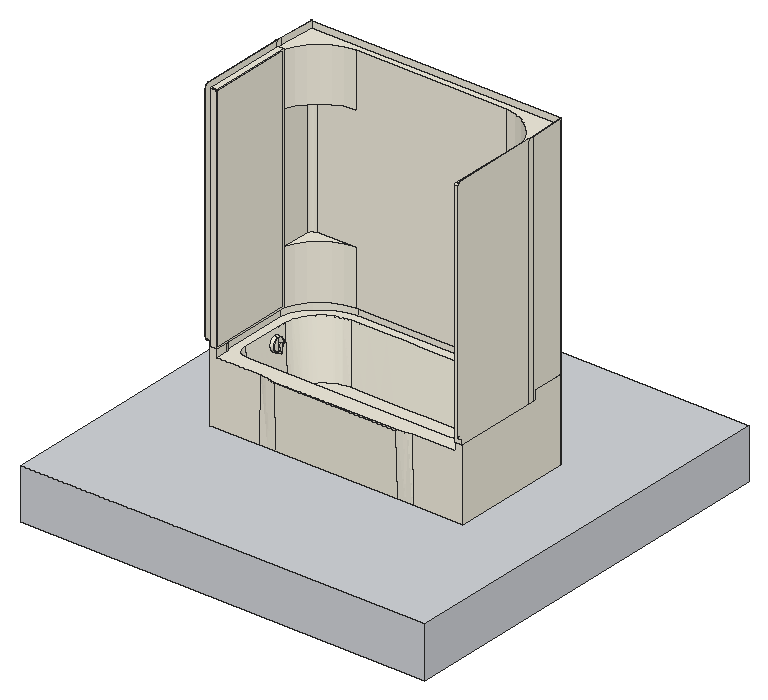
Revit family
Parameters (values of type "Vikrell-96-Biscuit")
  Width [instance] = 5' - 0"
  Waste Connection = yes
  WFU = 0
  URL = "http://www.sterlingplumbing.com/"
  Sanitary Radius = 1"
  Sanitary Height = 0' - 2"
  Sanitary Diameter = Sanitary Radius * 2  # 2"
  Sanitary Connector = "Sanitary Connector"  # constant formula
  Product Page URL = "http://www.sterlingplumbing.com/detail?productNumber=71140110"
  Product Documentation Link = "http://www.sterlingplumbing.com/onlinecatalog/pdf/1065331_4.pdf"
  Model = "71140110"  # constant formula
  Manufacturer = "Sterling Plumbing"  # constant formula
  Length [instance] = 2' - 7 1/4"
  Height [instance] = 6' - 1 1/4"
  Finish = Vikrell-Kohler-96-Biscuit
  Description = "Accord, Series 7114, 60in x 30in x 72in Tile Bath/Shower - Left-hand Drain"  # constant formula
  Default Elevation = 0' - 0"
  Assembly Code = "D2010510"
Types (4): name | Finish
  (no name) | Vikrell-Kohler-96-Biscuit
  Vikrell-0-White | Vikrell-Kohler-0-White
  Vikrell-47-Almond | Vikrell-Kohler-47-Almond
  Vikrell-96-Biscuit | Vikrell-Kohler-96-Biscuit
Reference planes (in)
  plane 1 "Center (Front/Back)": y = 0
  plane 2 "Bottom": z = 0
  plane 3 "Center (Left/Right)": x = 0
  plane 4 "Back": y = 15.625
  plane 5 "Front": y = -15.625
  plane 6 "Left": x = -30
  plane 7 "Right": x = 30
  plane 8 "Top": z = 73.25
  plane 9: z = 2
  plane 10: y = 1.125
Forms (in)
  Extrusion 1, solid
    sketch origin (0, 0, 0) x (1, 0, 0) y (0, 1, 0)
      loop
        line (-48, 48) -> (-48, -48) -> (48, -48) -> (48, 48) -> (-48, 48)
    from 0 to -12
  Extrusion 2, solid, material "Vikrell-Kohler-96-Biscuit" <- "Finish", not visible
    sketch origin (0, 0, 0) x (0, 1, 0) y (0, 0, 1)
      loop
        circle (1.125, 2) r 1
    from -29.60129 to -29.75249
Dimensions and locks (in)
  "Width": plane 6 "Left" to plane 7 "Right"
  "Length": plane 4 "Back" to plane 5 "Front"
  "Height": plane 8 "Top" to plane 2 "Bottom"
  "Sanitary Height": plane 9 to plane 2 "Bottom"
  "Sanitary Radius": radius of Extrusion 2 sketch curve
  aligned and locked: plane 2 "Bottom" to Extrusion 1
  aligned and locked: level to Extrusion 1
  aligned and locked: plane 9 to Extrusion 2 sketch curve
  aligned and locked: plane 10 to Extrusion 2 sketch curve
Automatic sketch dimensions
  Extrusion 1 sketch curve to Extrusion 1 sketch curve = 8' - 0"  (x2)
Nested families (in)
  nested 1: "71140110" at (0, 0, 0), type "71140110"
Connectors (in)
  piping at (-29.75249, 1.125, 2), driven by "Sanitary Radius", driven by "Waste Connection", driven by "Sanitary Connector", driven by "WFU"
    settings: on Extrusion 2, index 1, connector radius 1", flow factor 0, pipe flow 0 GPM, pressure drop 0.00 psi, fitting loss kfactor 0, connector angle 0.00°, fixture units 0, flow configuration 3, flow direction 2, fitting loss method 0, system type 16, connector reference index -1, connector utility 1, adjustable connector yes, is connector primary yes, fitting loss table "", connector description "Sanitary Connector"
Definition of nested family "71140110"
  Parameters (values of type "71140110")
    Finish = none
  Reference planes (in)
    plane 1 "Center (Front/Back)": y = 0
    plane 2: z = 0
    plane 3 "Center (Left/Right)": x = 0
    plane 4: x = -30
    plane 5: y = 15.625
    plane 6: x = 30
    plane 7: y = -15.625
    plane 8: z = 73.25
  Forms (in)
    Extrusion 1, solid, material <- "Finish", detail levels coarse
      sketch origin (0, 0, 0) x (1, 0, 0) y (0, 1, 0)
        loop
          line (-30, 15.625) -> (-30, -15.625) -> (30, -15.625) -> (30, 15.625) -> (-30, 15.625)
      from 0 to 73.25
  Lines and regions (in)
    Masking region 1, detail levels coarse
      outline origin (0, 0, 0) x (1, 0, 0) y (0, 1, 0)
        loop
          line (-30, 15.625) -> (-30, -15.625) -> (30, -15.625) -> (30, 15.625) -> (-30, 15.625)
    Masking region 2, detail levels medium+fine
      outline origin (0, 0, 0) x (1, 0, 0) y (0, 1, 0)
        loop
          line (-29.89, -14.37625) -> (-28.30572, -14.37625) -> (-28.30572, -14.23912) -> (-18.02027, -14.23912)
          arc (-18.02027, -14.23912) -> (-16.5536, -14.56891) -> (-15.05765, -14.71716) r 12.28929
          line (-15.05765, -14.71716) -> (15.05765, -14.71716)
          arc (15.05765, -14.71716) -> (16.5536, -14.56891) -> (18.02027, -14.23912) r 12.28929
          line (18.02027, -14.23912) -> (28.30572, -14.23912) -> (28.30572, -14.37625) -> (29.89, -14.37625) -> (29.89, -15.625) -> (30, -15.625) -> (30, 14.80482)
          arc (30, 14.80482) -> (29.75978, 15.38478) -> (29.17982, 15.625) r 0.82018
          line (29.17982, 15.625) -> (-29.15299, 15.625)
          arc (-29.15299, 15.625) -> (-29.75192, 15.37692) -> (-30, 14.77799) r 0.84701
          line (-30, 14.77799) -> (-30, -15.625) -> (-29.89, -15.625) -> (-29.89, -14.37625)
    Masking region 3
      outline origin (0, 0, 0) x (1, 0, 0) y (0, 0, 1)
        loop
          line (-30, 73.25) -> (-30, 0) -> (30, 0) -> (30, 73.25) -> (-30, 73.25)
    Masking region 4, detail levels coarse
      outline origin (0, 0, 0) x (0, 1, 0) y (0, 0, 1)
        loop
          line (15.625, 73.25) -> (-15.625, 73.25) -> (-15.625, 0) -> (15.625, 0) -> (15.625, 73.25)
    Masking region 5, detail levels medium+fine
      outline origin (0, 0, 0) x (0, 1, 0) y (0, 0, 1)
        loop
          arc (-14.39269, 73.25) -> (-15.22098, 72.93101) -> (-15.625, 72.14133) r 1.23939
          line (-15.625, 72.14133) -> (-15.625, 19.57569)
          arc (-15.625, 19.57569) -> (-15.25925, 18.69269) -> (-14.37625, 18.32694) r 1.24875
          line (-14.37625, 18.32694) -> (-14.37625, 15.00534) -> (-14.71716, 15.00534) -> (-14.23912, 0.26582) -> (-14.23912, 15.01582) -> (-10.98912, 15.01582) -> (-8.49563, 2.25719) -> (10.25437, 2.25719) -> (12.42849, 15.00534) -> (14.57217, 15.00534) -> (14.57217, 16.99606) -> (14.82967, 16.99606) -> (14.82967, 0) -> (15.625, 0) -> (15.625, 19.10715) -> (15.43306, 19.10715) -> (15.43306, 73.25) -> (-14.39269, 73.25)
    symbolic lines, style "Masking Lines", detail levels medium+fine
      curve 1: line (-28.30572, 12.50125, 0) -> (-28.30572, -14.37625, 0)
      curve 2: arc (-28.30572, 12.50125, 0) -> (-27.93776, 13.38957, 0) -> (-27.04944, 13.75753, 0) r 1.25628
      curve 3: line (28.30572, 12.37375, 0) -> (28.30572, -14.37625, 0)
      curve 4: arc (28.30572, 12.37375, 0) -> (27.96035, 13.29305, 0) -> (27.0951, 13.75753, 0) r 1.39617
      curve 5: line (27.0951, 13.75753, 0) -> (-27.04944, 13.75753, 0)
      curve 6: arc (-26.84543, 3.9382, 0) -> (-23.91132, 9.80505, 0) -> (-17.86945, 12.35936, 0) r 9.47323
      curve 7: line (-17.86945, 12.35936, 0) -> (16.71504, 12.39722, 0)
      curve 8: arc (16.71504, 12.39722, 0) -> (19.42127, 12.18639, 0) -> (22.06083, 11.5532, 0) r 17.23207
      curve 9: arc (22.06083, 11.5532, 0) -> (26.07969, 8.64132, 0) -> (27.63286, 3.92772, 0) r 8.06541
      curve 10: arc (27.63286, 3.92772, 0) -> (27.7508, -1.95199, 0) -> (27.53232, -7.82883, 0) r 102.79817
      curve 11: arc (27.53232, -7.82883, 0) -> (26.23751, -10.04785, 0) -> (23.83462, -10.95711, 0) r 3.84737
      curve 12: line (23.83462, -10.95711, 0) -> (-23.79457, -10.92259, 0)
      curve 13: arc (-23.79457, -10.92259, 0) -> (-25.9, -10.06992, 0) -> (-26.82179, -7.99382, 0) r 3.03114
      curve 14: line (-26.82179, -7.99382, 0) -> (-26.84543, 3.9382, 0)
      curve 43: line (-28.30572, 0, 15.00534) -> (28.30572, 0, 15.00534)
      curve 44: line (-28.30572, 0, 71.76458) -> (-28.30572, 0, 15.00534)
      curve 45: line (28.30572, 0, 71.76458) -> (28.30572, 0, 15.00534)
      curve 46: line (-28.30572, 0, 71.76458) -> (28.30572, 0, 71.76458)
    symbolic lines, style "Masking Lines", detail levels fine
      curve 15: arc (-28.3451, 5.43323, 0) -> (-24.41004, 11.24179, 0) -> (-17.86061, 13.75753, 0) r 11.70753
      curve 16: arc (17.86061, 13.75753, 0) -> (24.41004, 11.24179, 0) -> (28.3451, 5.43323, 0) r 11.70753
      curve 17: line (-23.34468, -8.46227, 0) -> (18.65532, -8.46227, 0)
      curve 18: arc (-24.49375, -7.49809, 0) -> (-24.09468, -8.18929, 0) -> (-23.34468, -8.46227, 0) r 1.16679
      curve 19: line (-24.56823, 1.96166, 0) -> (-24.49375, -7.49809, 0)
      curve 20: arc (-16.16936, 10.18228, 0) -> (-22.07253, 7.81264, 0) -> (-24.56823, 1.96166, 0) r 8.30613
      curve 21: line (11.78805, 10.15333, 0) -> (-16.16936, 10.18228, 0)
      curve 22: arc (16.63504, 8.60809, 0) -> (14.33132, 9.75639, 0) -> (11.78805, 10.15333, 0) r 8.40175
      curve 23: arc (19.69789, 4.09645, 0) -> (18.57485, 6.62951, 0) -> (16.63504, 8.60809, 0) r 7.77723
      curve 24: arc (20.09572, -7.29586, 0) -> (20.03355, -1.59493, 0) -> (19.69789, 4.09645, 0) r 118.77489
      curve 25: arc (18.65532, -8.46227, 0) -> (19.57903, -8.13039, 0) -> (20.09572, -7.29586, 0) r 1.48952
      curve 26: arc (-18.49698, 0.45392, 0) -> (-20, 1.95694, 0) -> (-21.50302, 0.45392, 0) r 1.50302
      curve 27: arc (-21.50302, 0.45392, 0) -> (-20, -1.04911, 0) -> (-18.49698, 0.45392, 0) r 1.50302
      curve 28: arc (-18.85399, 0.45392, 0) -> (-20, -0.69209, 0) -> (-21.14601, 0.45392, 0) r 1.14601
      curve 29: arc (-21.14601, 0.45392, 0) -> (-20, 1.59993, 0) -> (-18.85399, 0.45392, 0) r 1.14601
      curve 30: spline (-26.2334, 2.09958, 0) -> (-26.25566, 2.04355, 0) -> (-26.27641, 1.87928, 0) -> (-26.29423, 1.61796, 0) -> (-26.3079, 1.27741, 0) -> (-26.31649, 0.88082, 0) -> (-26.31942, 0.45524, 0) -> (-26.31649, 0.02965, 0) -> (-26.3079, -0.36694, 0) -> (-26.29423, -0.70749, 0) -> (-26.27641, -0.96881, 0) -> (-26.25566, -1.13308, 0) -> (-26.2334, -1.18911, 0)
      curve 31: spline (-25.45258, 1.95401, 0) -> (-25.43773, 1.94349, 0) -> (-25.42308, 1.91211, 0) -> (-25.40884, 1.86028, 0) -> (-25.39522, 1.78875, 0) -> (-25.3824, 1.6985, 0) -> (-25.37056, 1.59082, 0) -> (-25.35988, 1.4672, 0) -> (-25.35049, 1.32938, 0) -> (-25.34253, 1.17929, 0) -> (-25.33612, 1.01903, 0) -> (-25.33134, 0.85086, 0) -> (-25.32826, 0.67712, 0)
      curve 32: spline (-25.45258, -1.04599, 0) -> (-25.46971, -0.99488, 0) -> (-25.48567, -0.84503, 0) -> (-25.49937, -0.60665, 0) -> (-25.50989, -0.29599, 0) -> (-25.5165, 0.06578, 0) -> (-25.51875, 0.45401, 0) -> (-25.5165, 0.84224, 0) -> (-25.50989, 1.20401, 0) -> (-25.49937, 1.51467, 0) -> (-25.48567, 1.75304, 0) -> (-25.46971, 1.9029, 0) -> (-25.45258, 1.95401, 0)
      curve 33: spline (-25.33046, 0.09739, 0) -> (-25.33452, -0.06166, 0) -> (-25.34003, -0.21438, 0) -> (-25.34692, -0.35889, 0) -> (-25.35511, -0.49341, 0) -> (-25.3645, -0.61629, 0) -> (-25.37497, -0.72602, 0) -> (-25.38639, -0.82125, 0) -> (-25.39863, -0.90082, 0) -> (-25.41152, -0.96375, 0) -> (-25.42493, -1.00925, 0) -> (-25.43867, -1.03678, 0) -> (-25.45258, -1.04599, 0)
      curve 34: line (-24.7672, 0.67712, 0) -> (-25.40996, 0.67712, 0)
      curve 35: line (-25.40996, 0.09739, 0) -> (-24.7672, 0.09739, 0)
      curve 36: spline (-24.7672, 0.67712, 0) -> (-24.77223, 0.66725, 0) -> (-24.77692, 0.63829, 0) -> (-24.78095, 0.59222, 0) -> (-24.78404, 0.53219, 0) -> (-24.78598, 0.46228, 0) -> (-24.78664, 0.38726, 0) -> (-24.78598, 0.31223, 0) -> (-24.78404, 0.24232, 0) -> (-24.78095, 0.18229, 0) -> (-24.77692, 0.13622, 0) -> (-24.77223, 0.10727, 0) -> (-24.7672, 0.09739, 0)
      curve 37: line (-24.7672, 0.09739, 0) -> (-24.63685, 0.33595, 0)
      curve 38: line (-24.63685, 0.33595, 0) -> (-24.63685, 0.44985, 0)
      curve 39: line (-24.63685, 0.44985, 0) -> (-24.7672, 0.67712, 0)
      curve 40: spline (-25.40996, 0.67712, 0) -> (-25.41487, 0.66725, 0) -> (-25.41945, 0.63829, 0) -> (-25.42338, 0.59222, 0) -> (-25.4264, 0.53219, 0) -> (-25.42829, 0.46228, 0) -> (-25.42894, 0.38726, 0) -> (-25.42829, 0.31223, 0) -> (-25.4264, 0.24232, 0) -> (-25.42338, 0.18229, 0) -> (-25.41945, 0.13622, 0) -> (-25.41487, 0.10727, 0) -> (-25.40996, 0.09739, 0)
      curve 41: line (-25.45258, 1.95401, 0) -> (-26.2334, 2.09958, 0)
      curve 42: line (-25.45258, -1.04599, 0) -> (-26.2334, -1.18911, 0)
      curve 47: line (-17.86061, 0, 59.16496) -> (-17.86061, 0, 71.76458)
      curve 48: line (28.3451, 0, 59.16496) -> (17.86061, 0, 59.16496)
      curve 49: line (17.86061, 0, 59.16496) -> (17.86061, 0, 71.76458)
      curve 50: line (-28.3451, 0, 29.83935) -> (-17.86061, 0, 29.83935)
      curve 51: line (-17.86061, 0, 17.00508) -> (-17.86061, 0, 29.83935)
      curve 52: line (17.86061, 0, 17.00508) -> (17.86061, 0, 29.83935)
      curve 53: line (-30, 0, 17.00508) -> (30, 0, 17.00508)
      curve 54: line (-17.86061, 0, 59.16496) -> (-28.3451, 0, 59.16496)
      curve 55: line (17.86061, 0, 29.83935) -> (28.3451, 0, 29.83935)
      curve 56: line (-29.5207, 0, 73.25) -> (-29.5207, 0, 71.98987)
      curve 57: line (-29.5207, 0, 71.98987) -> (-28.30572, 0, 71.98987)
      curve 58: line (-28.30572, 0, 71.98987) -> (-28.30572, 0, 71.76458)
      curve 59: line (-29.5207, 0, 71.98987) -> (-29.89, 0, 71.98987)
      curve 60: line (-29.89, 0, 71.98987) -> (-29.89, 0, 73.25)
      curve 61: line (28.30572, 0, 71.76458) -> (28.30572, 0, 71.98987)
      curve 62: line (28.30572, 0, 71.98987) -> (29.55572, 0, 71.98987)
      curve 63: line (29.55572, 0, 71.98987) -> (29.55572, 0, 73.23987)
      curve 64: line (29.55572, 0, 71.98987) -> (29.89, 0, 71.98987)
      curve 65: line (29.89, 0, 71.98987) -> (29.89, 0, 73.25)
      curve 66: line (-18.02027, 0, 15.00534) -> (-14.54929, 0, 0)
      curve 67: line (14.66741, 0, 0) -> (18.02027, 0, 15.00534)
      curve 68: line (0, 15.43306, 17.00508) -> (0, -14.31694, 17.00508)
      curve 69: line (0, 15.43306, 17.00508) -> (0, 15.43306, 19.10715)
      curve 70: line (0, 15.43306, 19.10715) -> (0, -14.37625, 19.10715)
      curve 71: line (0, -14.37625, 18.32694) -> (0, -14.37625, 71.77199)
      curve 72: arc (0, -14.18358, 71.98987) -> (0, -14.31184, 71.90916) -> (0, -14.37625, 71.77199) r 0.26942
      curve 73: line (0, -14.18358, 71.98987) -> (0, 5.50554, 71.98987)
      curve 74: line (0, 5.50554, 71.98987) -> (0, 5.50554, 19.10715)
      curve 75: line (0, 15.3182, 71.76458) -> (0, 5.50554, 71.76458)
      curve 76: line (0, 15.3182, 71.76458) -> (0, 15.3182, 73.25)
      curve 77: line (0, 12.42849, 15.00534) -> (0, -11.07151, 15.00534)
  Dimensions and locks (in)
    equal spacing: plane 4, plane 3 "Center (Left/Right)", plane 6
    plane 4 to plane 6 = 5' - 0"
    equal spacing: plane 7, plane 1 "Center (Front/Back)", plane 5
    plane 7 to plane 5 = 2' - 7 1/4"
    plane 8 to plane 2 = 6' - 1 1/4"
    aligned and locked: plane 2 to level
  Automatic sketch dimensions
    Masking region 1 sketch curve to plane 4 = 0' - 0"
    Masking region 1 sketch curve to plane 6 = 0' - 0"
    plane 7 to Masking region 1 sketch curve = 0' - 0"
    plane 5 to Masking region 1 sketch curve = 0' - 0"
    Masking region 2 sketch curve to plane 4 = 0' - 0"
    plane 7 to Masking region 2 sketch curve = 0' - 0"  (x2)
    Masking region 2 sketch curve to plane 5 = 0' - 0"
    Masking region 2 sketch curve to plane 6 = 0' - 0"
    plane 4 to Masking region 2 sketch curve = 0' - 0.11"
    plane 4 to Masking region 2 sketch curve = 0' - 0.84701"
    plane 6 to Masking region 2 sketch curve = 0' - 0.82018"
    plane 6 to Masking region 2 sketch curve = 0' - 0.11"
    Masking region 2 sketch curve to plane 7 = 0' - 1.24875"  (x2)
    Masking region 2 sketch curve to plane 7 = 0' - 0.90784"
    Masking region 2 sketch curve to Masking region 2 sketch curve = 1' - 2.83235"
    plane 1 "Center (Front/Back)" to Masking region 2 sketch curve = 0' - 2.43655"  (x2)
    plane 6 to Masking region 2 sketch curve = 0' - 1.69428"
    plane 4 to Masking region 2 sketch curve = 0' - 1.69428"
    Masking region 2 sketch curve to Masking region 2 sketch curve = 0' - 2.96262"
    Masking region 2 sketch curve to Masking region 2 sketch curve = 0' - 0.13714"  (x2)
    plane 3 "Center (Left/Right)" to Masking region 2 sketch curve = 1' - 2.59593"
    Masking region 2 sketch curve to Masking region 2 sketch curve = 0' - 0.46171"
    curve 26 to curve 28 = 0' - 0"  (x2)
    plane 1 "Center (Front/Back)" to curve 24 = 0' - 5.74011"
    curve 24 to plane 4 = 5' - 8.66898"
    plane 1 "Center (Front/Back)" to curve 10 = 0' - 1.07292"
    curve 24 to curve 10 = 1' - 11.62538"
    plane 4 to curve 15 = 0' - 1.6549"
    plane 4 to curve 2 = 0' - 1.69428"
    curve 1 to curve 2 = 0' - 1.25628"
    curve 15 to curve 6 = 0' - 1.49967"
    plane 4 to curve 13 = 0' - 3.17821"
    curve 14 to curve 30 = 0' - 0.61203"
    plane 1 "Center (Front/Back)" to curve 42 = 0' - 1.18911"
    curve 30 to curve 32 = 0' - 0.78082"
    plane 1 "Center (Front/Back)" to curve 42 = 0' - 1.04599"
    curve 31 to curve 40 = 0' - 0.04263"
    curve 35 to curve 33 = 0' - 0.07949"
    curve 34 to curve 31 = 0' - 0.0817"
    curve 35 to plane 1 "Center (Front/Back)" = 0' - 0.09739"
    curve 33 to curve 35 = 0' - 0.56327"
    curve 36 to curve 38 = 0' - 0.13035"
    curve 32 to curve 20 = 0' - 0.88435"
    curve 14 to curve 18 = 0' - 2.32803"
    curve 18 to curve 13 = 0' - 0.69918"
    curve 18 to curve 13 = 0' - 0.70138"
    curve 13 to curve 18 = 0' - 0.44769"
    curve 26 to plane 1 "Center (Front/Back)" = 0' - 0.45392"
    curve 38 to curve 26 = 0' - 3.13382"
    curve 26 to curve 28 = 0' - 0.35702"
    curve 28 to curve 26 = 0' - 1.14601"
    curve 7 to plane 5 = 0' - 3 17/64"
    curve 2 to curve 7 = 0' - 9.17999"
    curve 7 to curve 15 = 0' - 0.00883"
    curve 26 to curve 6 = 0' - 1.06731"
    curve 6 to curve 15 = 0' - 0.29946"
    curve 15 to curve 20 = 0' - 0.86767"
    curve 7 to curve 20 = 0' - 1.70008"
    curve 22 to plane 1 "Center (Front/Back)" = 0' - 1.75159"
    plane 3 "Center (Left/Right)" to curve 22 = 0' - 11.77935"
    curve 21 to plane 5 = 0' - 5.47167"
    curve 22 to curve 21 = 0' - 0.0087"
    curve 22 to curve 23 = 0' - 0.36093"
    curve 21 to curve 23 = 0' - 4.84699"
    curve 22 to curve 23 = 0' - 0"
    curve 7 to plane 5 = 0' - 3.22778"
    curve 23 to curve 7 = 0' - 0.07999"
    curve 22 to curve 8 = 0' - 4.95454"
    curve 16 to plane 1 "Center (Front/Back)" = 0' - 2.0728"
    curve 23 to curve 16 = 0' - 4.98991"
    curve 7 to curve 16 = 0' - 1.14558"
    curve 8 to curve 25 = 0' - 1.90775"
    curve 25 to curve 17 = 0' - 0.01367"
    curve 16 to curve 9 = 0' - 2.43737"
    curve 9 to curve 23 = 0' - 0.13031"
    curve 25 to curve 25 = 0' - 1.45407"
    curve 9 to plane 5 = 0' - 4.0718"
    curve 16 to curve 9 = 0' - 4.20021"
    curve 8 to curve 9 = 0' - 0"
    curve 24 to curve 11 = 0' - 3.65687"
    curve 11 to curve 11 = 0' - 0 21/256"
    plane 6 to curve 4 = 0' - 3.09045"
    curve 4 to curve 4 = 0' - 0.18554"
    plane 6 to curve 11 = 0' - 2.46768"
    plane 6 to curve 10 = 0' - 2.36714"
    curve 4 to curve 3 = 0' - 1.39617"
    plane 6 to curve 16 = 0' - 1.6549"
    curve 13 to curve 42 = 0' - 6.84545"
    curve 14 to curve 13 = 0' - 0.10238"
    curve 17 to curve 13 = 0' - 0.57082"
    curve 12 to plane 7 = 0' - 4.66789"
    curve 3 to plane 7 = 0' - 1.24875"
    curve 1 to plane 7 = 0' - 1.24875"
    curve 13 to curve 19 = 0' - 0.39336"
    curve 35 to curve 38 = 0' - 0.23857"
    curve 37 to curve 36 = 0' - 0.0513"
    curve 37 to curve 39 = 0' - 0.1139"
    curve 40 to curve 32 = 0' - 0.06675"
    curve 33 to curve 32 = 0' - 0"
    curve 31 to curve 32 = 0' - 0"
    curve 30 to plane 1 "Center (Front/Back)" = 0' - 0.45524"
    curve 20 to plane 1 "Center (Front/Back)" = 0' - 1.87667"
    curve 32 to curve 20 = 0' - 0.00765"
    curve 20 to curve 15 = 0' - 0.19613"
    curve 15 to curve 6 = 0' - 0.82354"
    curve 6 to curve 15 = 0' - 1.49502"
    Masking region 3 sketch curve to plane 4 = 0' - 0"
    Masking region 3 sketch curve to plane 6 = 0' - 0"
    Masking region 3 sketch curve to level = 0' - 0"
    plane 8 to Masking region 3 sketch curve = 0' - 0"
    curve 53 to plane 4 = 0' - 0"
    curve 60 to plane 8 = 0' - 0"
    curve 56 to plane 8 = 0' - 0"
    curve 66 to level = 0' - 0"
    curve 67 to level = 0' - 0"
    curve 65 to plane 8 = 0' - 0"
    plane 6 to curve 53 = 0' - 0"
    plane 4 to curve 60 = 0' - 0.11"
    curve 59 to curve 57 = 0' - 0.3693"
    plane 4 to curve 54 = 0' - 1.6549"
    plane 4 to curve 50 = 0' - 1.6549"
    curve 56 to curve 44 = 0' - 1.21498"
    curve 43 to curve 66 = 0' - 10.28546"
    curve 50 to curve 51 = 0' - 10.48449"
    curve 54 to curve 47 = 0' - 10.48449"
    curve 66 to plane 3 "Center (Left/Right)" = 1' - 2.54929"
    plane 3 "Center (Left/Right)" to curve 67 = 1' - 2.66741"
    curve 49 to plane 8 = 0' - 1.48542"
    plane 6 to curve 49 = 1' - 0.13939"
    plane 6 to curve 52 = 1' - 0.13939"
    curve 52 to curve 67 = 0' - 0.15965"
    plane 6 to curve 45 = 0' - 1.69428"
    plane 6 to curve 48 = 0' - 1.6549"
    plane 6 to curve 55 = 0' - 1.6549"
    curve 63 to plane 8 = 0' - 0.01013"
    plane 6 to curve 63 = 0' - 0.44428"
    plane 6 to curve 65 = 0' - 0.11"
    level to curve 44 = 1' - 3.00534"
    curve 43 to curve 53 = 0' - 1.99974"
    curve 52 to curve 55 = 1' - 0.83428"
    curve 53 to curve 50 = 1' - 0.83428"
    curve 48 to curve 45 = 1' - 0.59962"
    curve 47 to curve 47 = 1' - 0.59962"
    curve 44 to curve 59 = 0' - 0.22529"
    curve 45 to curve 61 = 0' - 0.22529"
    plane 7 to Masking region 4 sketch curve = 0' - 0"
    plane 5 to Masking region 4 sketch curve = 0' - 0"
    Masking region 4 sketch curve to level = 0' - 0"
    plane 8 to Masking region 4 sketch curve = 0' - 0"
    Masking region 5 sketch curve to plane 7 = 0' - 0"
    Masking region 5 sketch curve to plane 8 = 0' - 0"
    Masking region 5 sketch curve to level = 0' - 0"
    Masking region 5 sketch curve to plane 5 = 0' - 0"
    Masking region 5 sketch curve to plane 7 = 0' - 0.90784"
    Masking region 5 sketch curve to plane 7 = 0' - 1.23231"  (x2)
    Masking region 5 sketch curve to plane 7 = 0' - 1.24875"
    level to Masking region 5 sketch curve = 0' - 0.26582"
    Masking region 5 sketch curve to plane 7 = 0' - 1.38588"
    Masking region 5 sketch curve to Masking region 5 sketch curve = 0' - 3 1/4"
    level to Masking region 5 sketch curve = 0' - 2.25719"
    Masking region 5 sketch curve to Masking region 5 sketch curve = 0' - 5.74349"
    Masking region 5 sketch curve to plane 5 = 0' - 5.37063"
    Masking region 5 sketch curve to plane 5 = 0' - 3.19651"
    Masking region 5 sketch curve to plane 5 = 0' - 1.05283"
    Masking region 5 sketch curve to Masking region 5 sketch curve = 0' - 0.2575"
    Masking region 5 sketch curve to plane 5 = 0' - 0.19194"
    Masking region 5 sketch curve to Masking region 5 sketch curve = 1' - 0.74814"  (x2)
    Masking region 5 sketch curve to Masking region 5 sketch curve = 0' - 0.01048"
    Masking region 5 sketch curve to Masking region 5 sketch curve = 0' - 1.99073"
    Masking region 5 sketch curve to Masking region 5 sketch curve = 0' - 3.31112"
    Masking region 5 sketch curve to Masking region 5 sketch curve = 0' - 2.11109"
    Masking region 5 sketch curve to Masking region 5 sketch curve = 0' - 1.24096"
    Masking region 5 sketch curve to plane 8 = 0' - 1.10867"
    curve 76 to plane 8 = 0' - 0"
    curve 70 to plane 7 = 0' - 1.24875"
    curve 68 to plane 7 = 0' - 1.30806"
    curve 72 to curve 72 = 0' - 0.19267"
    curve 73 to curve 72 = 0' - 0.07356"
    curve 68 to curve 77 = 0' - 3.24543"
    curve 75 to plane 8 = 0' - 1.48542"
    curve 75 to plane 1 "Center (Front/Back)" = 0' - 5.50554"
    curve 77 to plane 5 = 0' - 3.19651"
    curve 76 to plane 5 = 0' - 0.3068"
    curve 69 to plane 5 = 0' - 0.19194"
    curve 72 to plane 8 = 0' - 1.51932"
    level to curve 69 = 1' - 7.10715"
    curve 71 to curve 70 = 0' - 0.78021"
    curve 68 to curve 69 = 0' - 2.10207"
    curve 77 to curve 68 = 0' - 1.99974"
    curve 72 to curve 71 = 0' - 0.04131"
    Extrusion 1 sketch curve to plane 4 = 0' - 0"
    Extrusion 1 sketch curve to plane 6 = 0' - 0"
    plane 7 to Extrusion 1 sketch curve = 0' - 0"
    plane 5 to Extrusion 1 sketch curve = 0' - 0"
  Nested families (in)
    nested 1: "Tub" at (0, 0.45392, 0), type "Tub"
    nested 2: "Back Wall" at (0, 10.43314, 17.00508), type "Back Wall"
    nested 3: "Side Wall" at (-29.15286, -4.40614, 16.94247), type "Side Wall"
    nested 4: "Side Wall" at (29.15286, -4.40614, 16.94247) x (-1, 0, 0) z (0, 0, 1), type "Side Wall"
  Definition of nested family "Tub"
    Parameters (values of type "Tub")
      Finish = none
      Assembly Code = ""
    Reference planes (in)
      plane 1 "Center (Front/Back)": y = 0
      plane 2: z = 0
      plane 3 "Center (Left/Right)": x = 0
      plane 4: y = 15.17108
      plane 5: y = -15.17108
      plane 6: x = -30
      plane 7: x = 30
      plane 8: z = 19.10715
      plane 9: y = 0.11508
    Forms (in)
      Extrusion 1, solid, material <- "Finish", detail levels medium+fine
        sketch origin (0, 0, 0) x (1, 0, 0) y (0, 1, 0)
          loop
            arc (-29.18011, 15.17108) -> (-29.70019, 14.89583) -> (-29.97544, 14.37575) r 1
            line (-29.97544, 14.37575) -> (-30, -15.17108) -> (30, -15.17108) -> (29.97544, 14.37547)
            arc (29.97544, 14.37547) -> (29.70014, 14.89579) -> (29.17982, 15.17108) r 1
            line (29.17982, 15.17108) -> (-29.18011, 15.17108)
        from 0 to 19.10715
      Blend 2, void
        base sketch origin (0, 0, 0) x (1, 0, 0) y (0, 1, 0)
          loop
            line (-30.16741, -14.69303) -> (-30.16741, -15.44792) -> (30.16741, -15.44792) -> (30.16741, -14.69303) -> (18.16741, -14.69303) -> (14.66741, -14.69303) -> (-14.54929, -14.69303) -> (-18.04929, -14.69303) -> (-30.16741, -14.69303)
        top sketch origin (0, 0, 0) x (1, 0, 0) y (0, 1, 0)
          loop
            line (-30.16741, -14.69303) -> (-30.16741, -15.44792) -> (30.16741, -15.44792) -> (30.16741, -14.69303) -> (18.02027, -14.69303)
            arc (18.02027, -14.69303) -> (16.30675, -15.06009) -> (14.55845, -15.1797) r 12.28929
            line (14.55845, -15.1797) -> (-14.55845, -15.1797)
            arc (-14.55845, -15.1797) -> (-16.30675, -15.06009) -> (-18.02027, -14.69303) r 12.28929
            line (-18.02027, -14.69303) -> (-30.16741, -14.69303)
        from 0 to 15.00534
      Extrusion 3, void
        sketch origin (0, 0, 0) x (1, 0, 0) y (0, 1, 0)
          loop
            line (-29.85939, -14.52316) -> (-29.85939, -15.17108) -> (29.8594, -15.17108) -> (29.8594, -14.52315) -> (29.80339, 14.19017)
            arc (29.80339, 14.19017) -> (29.61053, 14.70058) -> (29.14137, 14.97914) r 0.8254
            line (29.14137, 14.97914) -> (-29.14088, 14.97914)
            arc (-29.14088, 14.97914) -> (-29.56622, 14.75063) -> (-29.78668, 14.32105) r 0.81215
            line (-29.78668, 14.32105) -> (-29.85939, -14.52316)
        from 18.34508 to 19.10715
      Extrusion 4, void
        sketch origin (0, 0, 0) x (1, 0, 0) y (0, 1, 0)
          loop
            line (-29.40074, 4.69711) -> (-29.33689, -14.69317) -> (-29.33689, -15.44792) -> (29.40293, -15.44792) -> (29.40293, 4.69712)
            arc (29.40293, 4.69712) -> (27.84142, 8.98249) -> (24.62832, 12.21957) r 10.63427
            arc (24.62832, 12.21957) -> (21.45498, 13.98615) -> (17.875, 14.59819) r 10.77626
            line (17.875, 14.59819) -> (-17.875, 14.59819)
            arc (-17.875, 14.59819) -> (-25.3516, 11.64258) -> (-29.40074, 4.69711) r 12.28831
        from 16.99606 to 19.10715
      Extrusion 5, void
        sketch origin (0, 0, 0) x (1, 0, 0) y (0, 1, 0)
          loop
            arc (-17.875, 14.11825) -> (-25.00232, 11.3077) -> (-28.88176, 4.70106) r 11.74921
            line (-28.88176, 4.70106) -> (-28.90502, -10.69178)
            arc (-28.90502, -10.69178) -> (-28.80733, -11.0167) -> (-28.54599, -11.23309) r 0.58624
            arc (-28.54599, -11.23309) -> (-28.43022, -11.38897) -> (-28.38567, -11.57796) r 0.47998
            line (-28.38567, -11.57796) -> (-28.38567, -15.44792) -> (28.40098, -15.44792) -> (28.40098, -14.27959) -> (28.40098, -11.49291)
            arc (28.40098, -11.49291) -> (28.51641, -11.26935) -> (28.70151, -11.09893) r 0.72251
            arc (28.70151, -11.09893) -> (28.84236, -10.91489) -> (28.90502, -10.69178) r 0.61439
            line (28.90502, -10.69178) -> (28.88176, 4.70107)
            arc (28.88176, 4.70107) -> (27.29947, 8.69505) -> (24.33353, 11.80289) r 11.23222
            arc (24.33353, 11.80289) -> (21.27854, 13.44672) -> (17.875, 14.11825) r 11.65186
            line (17.875, 14.11825) -> (-17.875, 14.11825)
        from 15.00534 to 19.10715
      Blend 6, void
        base sketch origin (0, 0, 0) x (1, 0, 0) y (0, 1, 0)
          loop
            line (-26.84543, 3.48428) -> (-26.82179, -8.44774)
            arc (-26.82179, -8.44774) -> (-25.9, -10.52384) -> (-23.79457, -11.3765) r 3.03114
            line (-23.79457, -11.3765) -> (23.83462, -11.41102)
            arc (23.83462, -11.41102) -> (26.23751, -10.50177) -> (27.53232, -8.28274) r 3.84737
            arc (27.53232, -8.28274) -> (27.7508, -2.40591) -> (27.63286, 3.4738) r 102.79817
            arc (27.63286, 3.4738) -> (26.07969, 8.1874) -> (22.06083, 11.09929) r 8.06541
            arc (22.06083, 11.09929) -> (19.42127, 11.73247) -> (16.71504, 11.9433) r 17.23207
            line (16.71504, 11.9433) -> (-17.86945, 11.90544)
            arc (-17.86945, 11.90544) -> (-23.91132, 9.35113) -> (-26.84543, 3.48428) r 9.47323
        top sketch origin (0, 0, 0) x (1, 0, 0) y (0, 1, 0)
          loop
            line (-24.56823, 1.50774) -> (-24.49375, -7.95201)
            arc (-24.49375, -7.95201) -> (-24.09468, -8.64321) -> (-23.34468, -8.91619) r 1.16679
            line (-23.34468, -8.91619) -> (18.65532, -8.91619)
            arc (18.65532, -8.91619) -> (19.57903, -8.5843) -> (20.09572, -7.74978) r 1.48952
            arc (20.09572, -7.74978) -> (20.03355, -2.04885) -> (19.69789, 3.64253) r 118.77489
            arc (19.69789, 3.64253) -> (18.57485, 6.17559) -> (16.63504, 8.15418) r 7.77723
            arc (16.63504, 8.15418) -> (14.33132, 9.30247) -> (11.78805, 9.69941) r 8.40175
            line (11.78805, 9.69941) -> (-16.16936, 9.72836)
            arc (-16.16936, 9.72836) -> (-22.07253, 7.35873) -> (-24.56823, 1.50774) r 8.30613
        from 15.00534 to 2.23981
      Extrusion 7, void
        sketch origin (0, 0, 0) x (0, 1, 0) y (0, 0, 1)
          loop
            line (-14.52316, 19.10715) -> (-15.17108, 19.10715) -> (-15.17108, 15.00534) -> (-14.69317, 15.00534) -> (-14.69317, 18.34508) -> (-14.52316, 18.34508) -> (-14.52316, 19.10715)
        from -30.39625 to 30.30393
      Extrusion 8, void
        sketch origin (0, 0.05782, 0) x (1, 0, 0) y (0, 1, 0)
          loop
            circle (-20, -0.05782) r 1.50302
        from 0 to 3.63429
      Revolve 9, solid, material <- "Finish", detail levels medium+fine
        sketch origin (0, 0, 0) x (1, 0, 0) y (0, 0, 1)
          loop
            line (-21.05838, 1.97648) -> (-20, 1.97648) -> (-20, 2.49005)
            arc (-20, 2.49005) -> (-20.53087, 2.44403) -> (-21.05101, 2.32829) r 4.02518
            arc (-21.05101, 2.32829) -> (-21.08415, 2.28405) -> (-21.05101, 2.23981) r 0.0461
            line (-21.05101, 2.23981) -> (-21.55616, 2.23981) -> (-21.55616, 2.20856) -> (-21.14601, 2.0982)
            arc (-21.14601, 2.0982) -> (-21.08347, 2.05082) -> (-21.05838, 1.97648) r 0.13342
          axis (-20, 2.49005) -> (-20, 1.97648)
        angle from 0 to 360
      Revolve 10, solid, material <- "Finish", detail levels medium+fine
        sketch origin (0, 0, 0) x (1, 0, 0) y (0, 0, 1)
          loop
            line (-26.20446, 12.2543) -> (-25.39481, 12.29674) -> (-25.49198, 13.73568)
            arc (-25.49198, 13.73568) -> (-25.50473, 13.77052) -> (-25.53419, 13.79308) r 0.06637
            line (-25.53419, 13.79308) -> (-26.31494, 13.89041) -> (-26.20446, 12.2543)
          axis (-25.39481, 12.29674) -> (-26.22913, 12.25301)
        angle from 0 to 360
      Extrusion 11, solid, material <- "Finish", detail levels medium+fine
        sketch origin (0.79819, 0, 1.76225) x (0, 1, 0) y (-0.067088, 0, 0.997747)
          loop
            line (-0.00407, 10.55511) -> (0.22321, 12.49806)
            arc (0.22321, 12.49806) -> (-0.06666, 12.78793) -> (-0.35653, 12.49806) r 0.28987
            line (-0.35653, 12.49806) -> (-0.11796, 10.55511) -> (-0.00407, 10.55511)
        from -25.42695 to -24.78274
    Cuts and joins
      Blend 2, Extrusion 3, Extrusion 4, Extrusion 5, Blend 6, Extrusion 7, Extrusion 8 cuts Extrusion 1
    Dimensions and locks (in)
      equal spacing: plane 6, plane 3 "Center (Left/Right)", plane 7
      equal spacing: plane 4, plane 1 "Center (Front/Back)", plane 5
      plane 6 to plane 7 = 5' - 0"
      plane 4 to plane 5 = 2' - 6.34216"
      plane 8 to plane 2 = 1' - 7.10715"
      aligned and locked: plane 2 to level
    Automatic sketch dimensions
      Extrusion 1 sketch curve to plane 5 = 0' - 0"
      Extrusion 1 sketch curve to plane 6 = 0' - 0"
      Extrusion 1 sketch curve to plane 4 = 0' - 0"
      Extrusion 1 sketch curve to plane 7 = 0' - 0"
      plane 6 to Extrusion 1 sketch curve = 0' - 0.02456"
      plane 6 to Extrusion 1 sketch curve = 0' - 0.81989"
      Extrusion 1 sketch curve to Extrusion 1 sketch curve = 0' - 0.98236"  (x2)
      plane 7 to Extrusion 1 sketch curve = 0' - 1.00696"
      plane 7 to Extrusion 1 sketch curve = 0' - 0.82018"
      plane 7 to Extrusion 1 sketch curve = 0' - 0.02456"
      Extrusion 1 sketch curve to Extrusion 1 sketch curve = 0' - 0.9824"
      Extrusion 3 sketch curve to plane 5 = 0' - 0"
      plane 6 to Extrusion 3 sketch curve = 0' - 0 9/64"
      plane 6 to Extrusion 3 sketch curve = 0' - 0.21332"
      Extrusion 3 sketch curve to plane 4 = 0' - 0.19194"
      plane 6 to Extrusion 3 sketch curve = 0' - 0.85912"
      Extrusion 3 sketch curve to Extrusion 3 sketch curve = 0' - 0.15432"
      plane 7 to Extrusion 3 sketch curve = 0' - 1.02177"
      Extrusion 3 sketch curve to Extrusion 3 sketch curve = 0' - 0.16314"
      plane 7 to Extrusion 3 sketch curve = 0' - 0.19661"
      plane 7 to Extrusion 3 sketch curve = 0' - 0.1406"
      Extrusion 3 sketch curve to Extrusion 3 sketch curve = 0' - 0.64793"  (x2)
      Extrusion 3 sketch curve to Extrusion 3 sketch curve = 0' - 0.80912"
      Extrusion 3 sketch curve to Extrusion 3 sketch curve = 0' - 0.79736"
      plane 6 to Extrusion 5 sketch curve = 0' - 1.09498"
      plane 6 to Extrusion 5 sketch curve = 0' - 1.11824"
      Extrusion 5 sketch curve to Extrusion 5 sketch curve = 0' - 0.03955"
      Extrusion 5 sketch curve to Extrusion 5 sketch curve = 0' - 0.31948"
      plane 6 to Extrusion 5 sketch curve = 0' - 1.61433"
      Extrusion 5 sketch curve to Extrusion 5 sketch curve = 0' - 0.58624"
      Extrusion 5 sketch curve to plane 4 = 0' - 1.05283"
      plane 6 to Extrusion 5 sketch curve = 1' - 0 1/8"
      Extrusion 5 sketch curve to plane 1 "Center (Front/Back)" = 0' - 2.38016"
      Extrusion 5 sketch curve to Extrusion 5 sketch curve = 0' - 0.51093"
      Extrusion 5 sketch curve to plane 1 "Center (Front/Back)" = 0' - 2.47839"
      plane 7 to Extrusion 5 sketch curve = 1' - 0.65357"
      Extrusion 5 sketch curve to Extrusion 5 sketch curve = 0' - 0.49432"
      Extrusion 5 sketch curve to Extrusion 5 sketch curve = 0' - 0.03425"
      Extrusion 5 sketch curve to plane 4 = 0' - 3.36819"
      plane 7 to Extrusion 5 sketch curve = 0' - 1.70721"
      Extrusion 5 sketch curve to plane 5 = 0' - 0.27684"
      plane 7 to Extrusion 5 sketch curve = 0' - 1.59902"
      Extrusion 5 sketch curve to Extrusion 5 sketch curve = 0' - 0.30054"
      plane 7 to Extrusion 5 sketch curve = 0' - 1.11824"
      Extrusion 5 sketch curve to Extrusion 5 sketch curve = 0' - 0.2035"
      Extrusion 5 sketch curve to Extrusion 5 sketch curve = 0' - 0.68989"
      plane 5 to Extrusion 5 sketch curve = 0' - 0.89149"
      Extrusion 5 sketch curve to Extrusion 5 sketch curve = 0' - 2.57204"
      plane 5 to Extrusion 5 sketch curve = 0' - 3.57979"
      Extrusion 5 sketch curve to Extrusion 5 sketch curve = 0' - 0.01334"
      Extrusion 5 sketch curve to Extrusion 5 sketch curve = 0' - 0.21464"
      Extrusion 5 sketch curve to Extrusion 5 sketch curve = 0' - 0.54042"
      Extrusion 5 sketch curve to Extrusion 5 sketch curve = 0' - 0.40715"
      Extrusion 5 sketch curve to Extrusion 5 sketch curve = 0' - 0.15899"
      plane 6 to Extrusion 4 sketch curve = 0' - 0.59926"
      Extrusion 4 sketch curve to plane 5 = 0' - 0.27684"
      plane 6 to Extrusion 4 sketch curve = 0' - 0.66311"
      Extrusion 4 sketch curve to plane 4 = 0' - 0.57289"
      plane 6 to Extrusion 4 sketch curve = 1' - 0 1/8"
      Extrusion 4 sketch curve to plane 1 "Center (Front/Back)" = 0' - 2.32135"
      Extrusion 4 sketch curve to Extrusion 4 sketch curve = 0' - 0.53072"
      Extrusion 4 sketch curve to plane 1 "Center (Front/Back)" = 0' - 3.82193"
      plane 7 to Extrusion 4 sketch curve = 1' - 0 1/8"
      Extrusion 4 sketch curve to Extrusion 4 sketch curve = 0' - 0.98799"
      Extrusion 4 sketch curve to plane 4 = 0' - 2.95151"
      plane 7 to Extrusion 4 sketch curve = 0' - 0.59707"
      plane 5 to Extrusion 4 sketch curve = 0' - 0.47792"
      Extrusion 4 sketch curve to Extrusion 4 sketch curve = 0' - 0.53817"
      plane 1 "Center (Front/Back)" to Blend 6 sketch curve = 0' - 1.52683"
      Blend 6 sketch curve to plane 6 = 3' - 9.04361"
      plane 6 to Blend 6 sketch curve = 0' - 3.15457"
      plane 6 to Blend 6 sketch curve = 0' - 3.17821"
      Blend 6 sketch curve to Blend 6 sketch curve = 0' - 3.02721"
      Blend 6 sketch curve to Blend 6 sketch curve = 0' - 0.0022"
      Blend 6 sketch curve to plane 4 = 0' - 3 17/64"
      plane 6 to Blend 6 sketch curve = 1' - 0.13055"
      Blend 6 sketch curve to plane 1 "Center (Front/Back)" = 0' - 2.44243"
      Blend 6 sketch curve to Blend 6 sketch curve = 0' - 0.43978"
      Blend 6 sketch curve to plane 4 = 0' - 3.22778"
      plane 7 to Blend 6 sketch curve = 1' - 1.28496"
      plane 7 to Blend 6 sketch curve = 1' - 1.2661"
      Blend 6 sketch curve to plane 1 "Center (Front/Back)" = 0' - 3.42892"
      Blend 6 sketch curve to Blend 6 sketch curve = 0' - 2.85254"
      Blend 6 sketch curve to Blend 6 sketch curve = 0' - 5.34579"
      Blend 6 sketch curve to Blend 6 sketch curve = 0' - 0"  (x2)
      plane 7 to Blend 6 sketch curve = 0' - 6.24741"
      plane 5 to Blend 6 sketch curve = 0' - 3.76006"
      Blend 6 sketch curve to Blend 6 sketch curve = 0' - 0 21/256"
      plane 7 to Blend 6 sketch curve = 0' - 2.46768"
      plane 7 to Blend 6 sketch curve = 0' - 2.36714"
      plane 5 to Blend 6 sketch curve = 0' - 3.79458"
      Blend 6 sketch curve to Blend 6 sketch curve = 0' - 2.92876"
      plane 1 "Center (Front/Back)" to Blend 6 sketch curve = 0' - 6.19403"
      Blend 6 sketch curve to plane 6 = 5' - 8.66898"
      Blend 6 sketch curve to plane 1 "Center (Front/Back)" = 0' - 1.50774"
      plane 6 to Blend 6 sketch curve = 0' - 5.43177"
      plane 6 to Blend 6 sketch curve = 0' - 5.50625"
      Blend 6 sketch curve to Blend 6 sketch curve = 0' - 1.14907"
      Blend 6 sketch curve to plane 1 "Center (Front/Back)" = 0' - 1.42275"
      Blend 6 sketch curve to Blend 6 sketch curve = 0' - 8.3057"
      Blend 6 sketch curve to plane 4 = 0' - 5.44272"
      Blend 6 sketch curve to plane 1 "Center (Front/Back)" = 0' - 1.29767"
      plane 3 "Center (Left/Right)" to Blend 6 sketch curve = 0' - 11.77935"
      Blend 6 sketch curve to Blend 6 sketch curve = 0' - 0.0087"
      Blend 6 sketch curve to Blend 6 sketch curve = 0' - 0.36093"
      Blend 6 sketch curve to Blend 6 sketch curve = 0' - 4.84699"
      Blend 6 sketch curve to Blend 6 sketch curve = 0' - 6.86229"
      Blend 6 sketch curve to Blend 6 sketch curve = 0' - 0.01367"
      Blend 6 sketch curve to Blend 6 sketch curve = 0' - 3.06284"
      Blend 6 sketch curve to Blend 6 sketch curve = 0' - 1.45407"
      plane 1 "Center (Front/Back)" to Blend 6 sketch curve = 0' - 7.42673"
      plane 1 "Center (Front/Back)" to Blend 6 sketch curve = 0' - 7.74939"
      Blend 6 sketch curve to Blend 6 sketch curve = 0' - 0.32305"
      plane 8 to Extrusion 7 sketch curve = 0' - 0"
      plane 5 to Extrusion 7 sketch curve = 0' - 0.64793"
      plane 8 to Extrusion 7 sketch curve = 0' - 0.76207"
      plane 5 to Extrusion 7 sketch curve = 0' - 0.47792"
      Extrusion 7 sketch curve to Extrusion 7 sketch curve = 0' - 3.33974"
      Extrusion 7 sketch curve to plane 5 = 0' - 0"
      Blend 2 sketch curve to plane 6 = 0' - 0.16741"  (x2)
      plane 5 to Blend 2 sketch curve = 0' - 0.47805"  (x3)
      plane 6 to Blend 2 sketch curve = 0' - 11.97973"
      plane 1 "Center (Front/Back)" to Blend 2 sketch curve = 0' - 2.89047"  (x2)
      Blend 2 sketch curve to Blend 2 sketch curve = 0' - 3.42433"
      Blend 2 sketch curve to plane 5 = 0' - 0.00862"
      plane 3 "Center (Left/Right)" to Blend 2 sketch curve = 1' - 2.55845"
      Blend 2 sketch curve to Blend 2 sketch curve = 0' - 0.03748"
      Blend 2 sketch curve to plane 7 = 0' - 0.16741"  (x2)
      Blend 2 sketch curve to plane 5 = 0' - 0.27684"  (x2)
      plane 6 to Blend 2 sketch curve = 0' - 11.95071"
      Blend 2 sketch curve to Blend 2 sketch curve = 0' - 3 1/2"  (x2)
      plane 3 "Center (Left/Right)" to Blend 2 sketch curve = 1' - 2.66741"
      plane 1 "Center (Front/Back)" to Extrusion 8 sketch curve = 0' - 0"
      plane 6 to Extrusion 8 sketch curve = 0' - 10"
      level to Revolve 9 sketch curve = 0' - 2.23981"
      plane 6 to Revolve 9 sketch curve = 0' - 8.44384"
      Revolve 9 sketch curve to Revolve 9 sketch curve = 0' - 0.36441"
      Revolve 9 sketch curve to Revolve 9 sketch curve = 0' - 0.04574"
      Revolve 9 sketch curve to Revolve 9 sketch curve = 0' - 0.13337"
      Revolve 9 sketch curve to Revolve 9 sketch curve = 0' - 0.09499"
      Revolve 9 sketch curve to Revolve 9 sketch curve = 0' - 0"  (x3)
      Revolve 9 sketch curve to Revolve 9 sketch curve = 0' - 0.01297"
      Revolve 9 sketch curve to Revolve 9 sketch curve = 0' - 1.03804"
      Revolve 9 sketch curve to Revolve 9 sketch curve = 0' - 0.08143"
      Revolve 9 sketch curve to Revolve 9 sketch curve = 0' - 0 1/32"
      Revolve 9 sketch curve to Revolve 9 sketch curve = 0' - 0.14161"
      Revolve 9 sketch curve to Revolve 9 sketch curve = 0' - 0.12172"
      Revolve 9 sketch curve to Revolve 9 sketch curve = 0' - 1.09215"
      Revolve 9 sketch curve to level = 0' - 0.1924"
      Revolve 9 sketch curve to Revolve 9 sketch curve = 0' - 1.34191"
      plane 6 to Revolve 10 sketch curve = 0' - 3.18846"
      Revolve 10 sketch curve to Revolve 10 sketch curve = 0' - 0.4966"
      Revolve 10 sketch curve to Revolve 10 sketch curve = 0' - 0.60708"
      Revolve 10 sketch curve to Revolve 10 sketch curve = 0' - 0"  (x2)
      Revolve 10 sketch curve to Revolve 10 sketch curve = 0' - 0.75674"
      Revolve 10 sketch curve to Revolve 10 sketch curve = 0' - 0.02401"
      Revolve 10 sketch curve to Revolve 10 sketch curve = 0' - 0.06622"
      Revolve 10 sketch curve to Revolve 10 sketch curve = 0' - 0.80965"
      plane 8 to Revolve 10 sketch curve = 0' - 6.88466"
      Revolve 10 sketch curve to Revolve 10 sketch curve = 0' - 0.03182"
      Revolve 10 sketch curve to Revolve 10 sketch curve = 0' - 0.04243"
      Revolve 10 sketch curve to Revolve 10 sketch curve = 0' - 1.43447"
      Revolve 10 sketch curve to Revolve 10 sketch curve = 0' - 0.00447"
      Revolve 10 sketch curve to Revolve 10 sketch curve = 0' - 0.1592"
      plane 1 "Center (Front/Back)" to Extrusion 11 sketch curve = 0' - 0.00407"
      plane 1 "Center (Front/Back)" to Extrusion 11 sketch curve = 0' - 0.06666"
      Extrusion 11 sketch curve to Extrusion 11 sketch curve = 0' - 0.1139"
      Extrusion 11 sketch curve to Extrusion 11 sketch curve = 0' - 0.28987"
      Extrusion 11 sketch curve to Extrusion 11 sketch curve = 0' - 1.94296"
      radius of Extrusion 8 sketch curve = 0' - 1.50302"
  Definition of nested family "Back Wall"
    Parameters (values of type "Back Wall")
      Finish = none
      Assembly Code = ""
    Reference planes (in)
      plane 1 "Center (Front/Back)": y = 0
      plane 2: z = 0
      plane 3 "Center (Left/Right)": x = 0
      plane 4: y = 4.99992
      plane 5: x = -30
      plane 6: y = -4.99992
      plane 7: x = 30
      plane 8: z = 56.24492
    Forms (in)
      Extrusion 1, solid, material <- "Finish", detail levels medium+fine
        sketch origin (0, 0, 0) x (1, 0, 0) y (0, 1, 0)
          loop
            line (-30, -3.68992) -> (-30, -4.99992) -> (-28.3451, -4.99992)
            arc (-28.3451, -4.99992) -> (-24.41004, 0.80864) -> (-17.86061, 3.32439) r 11.70753
            line (-17.86061, 3.32439) -> (17.86061, 3.32439)
            arc (17.86061, 3.32439) -> (24.41004, 0.80864) -> (28.3451, -4.99992) r 11.70753
            line (28.3451, -4.99992) -> (30, -4.99992) -> (30, -3.68992) -> (29.68216, 4.84707)
            arc (29.68216, 4.84707) -> (29.63265, 4.95647) -> (29.5207, 4.99992) r 0.15878
            line (29.5207, 4.99992) -> (-29.5207, 4.99992)
            arc (-29.5207, 4.99992) -> (-29.63265, 4.95647) -> (-29.68216, 4.84707) r 0.15878
            line (-29.68216, 4.84707) -> (-30, -3.68992)
        from 0 to 56.24492
      Extrusion 2, void
        sketch origin (0, 0, 0) x (1, 0, 0) y (0, 1, 0)
          loop
            arc (17.86061, 3.32439) -> (24.41004, 0.80864) -> (28.3451, -4.99992) r 11.70753
            line (28.3451, -4.99992) -> (28.3451, 2.07439)
            arc (28.3451, 2.07439) -> (27.97898, 2.95827) -> (27.0951, 3.32439) r 1.25
            line (27.0951, 3.32439) -> (17.86061, 3.32439)
          loop
            line (-17.86061, 3.32439) -> (-27.0951, 3.32439)
            arc (-27.0951, 3.32439) -> (-27.97898, 2.95827) -> (-28.3451, 2.07439) r 1.25
            line (-28.3451, 2.07439) -> (-28.3451, -4.99992)
            arc (-28.3451, -4.99992) -> (-24.41004, 0.80864) -> (-17.86061, 3.32439) r 11.70753
        from 12.83428 to 42.15989
      Extrusion 3, void
        sketch origin (0, 0, 0) x (1, 0, 0) y (0, 1, 0)
          loop
            line (-29.89, -3.68992) -> (-29.89, -4.99992) -> (29.89, -4.99992) -> (29.89, -3.68992) -> (29.53894, 4.88505) -> (-29.51969, 4.88505) -> (-29.89, -3.68992)
        from 54.7595 to 56.24492
    Cuts and joins
      Extrusion 2, Extrusion 3 cuts Extrusion 1
    Dimensions and locks (in)
      aligned and locked: plane 2 to level
  Definition of nested family "Side Wall"
    Parameters (values of type "Side Wall")
      Finish = none
      Assembly Code = ""
    Reference planes (in)
      plane 1 "Center (Front/Back)": y = 0
      plane 2: z = 0
      plane 3 "Center (Left/Right)": x = 0
      plane 4: y = -11.21886
      plane 5: x = -0.84714
      plane 6: y = 11.21886
      plane 7: x = 0.84714
      plane 8: z = 56.30753
    Forms (in)
      Extrusion 1, solid, material <- "Finish", detail levels medium+fine
        sketch origin (0, 0, 0) x (0, 1, 0) y (0, 0, 1)
          loop
            line (11.21886, 0) -> (11.21886, 54.62515) -> (11.10077, 55.27088)
            arc (11.10077, 55.27088) -> (10.67243, 56.01489) -> (9.86535, 56.30753) r 1.25084
            line (9.86535, 56.30753) -> (-10.11883, 56.29888)
            arc (-10.11883, 56.29888) -> (-10.86293, 55.94296) -> (-11.21886, 55.19886) r 1.23939
            line (-11.21886, 55.19886) -> (-11.21886, 2.63322)
            arc (-11.21886, 2.63322) -> (-10.85311, 1.75022) -> (-9.97011, 1.38447) r 1.24875
            line (-9.97011, 1.38447) -> (-9.97011, 0) -> (11.21886, 0)
        from -0.84714 to -0.73714
      Extrusion 2, solid, material <- "Finish", detail levels medium+fine
        sketch origin (0, 0, 0) x (0, 1, 0) y (0, 0, 1)
          loop
            line (-9.97011, 54.82952) -> (-9.97011, 0) -> (9.91168, 0) -> (9.91168, 55.0474) -> (-9.77744, 55.0474)
            arc (-9.77744, 55.0474) -> (-9.9057, 54.96669) -> (-9.97011, 54.82952) r 0.26942
        from -0.73714 to 0.84714
      Blend 3, void
        base sketch origin (0, 0, 0) x (0, 1, 0) y (0, 0, 1)
          loop
            line (9.75543, 54.89115) -> (-9.75091, 54.89115)
            arc (-9.75091, 54.89115) -> (-9.79116, 54.86025) -> (-9.81386, 54.81488) r 0.11317
            line (-9.81386, 54.81488) -> (-9.81386, 0.15625) -> (9.75543, 0.15625) -> (9.75543, 54.89115)
        top sketch origin (0, 0, 0) x (0, 1, 0) y (0, 0, 1)
          loop
            line (9.59918, 54.7349) -> (-9.65761, 54.7349) -> (-9.65761, 0.3125) -> (9.59918, 0.3125) -> (9.59918, 54.7349)
        from 0.84714 to 0.11938
      Extrusion 4, solid, material <- "Finish", detail levels medium+fine
        sketch origin (0, 0, 0) x (0, 1, 0) y (0, 0, 1)
          loop
            line (9.59918, 54.7349) -> (-9.65761, 54.7349) -> (-9.65761, 0.3125) -> (9.59918, 0.3125) -> (9.59918, 54.7349)
        from 0.11938 to 0.84714
    Cuts and joins
      Blend 3 cuts Extrusion 2
    Dimensions and locks (in)
      aligned and locked: plane 2 to level
